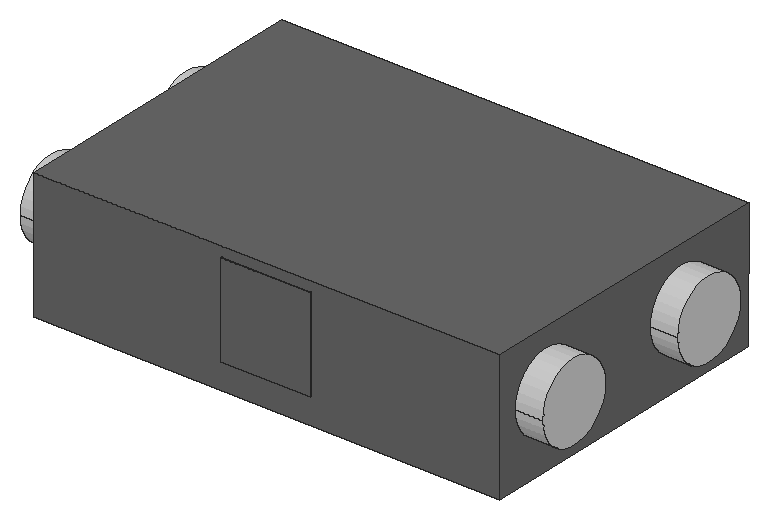
Revit family "BLAUBERG-KOMFORT_EC_D5B_180", category Mechanical Equipment, Revit 2019
Family settings
  Round Connector Dimension = Use Diameter
  Classification = None
  Part Type = Normal
  OmniClass Number = 23.75.35.14
  OmniClass Title = Air Handling Units
  Work Plane-Based = No
  Always vertical = No
  Cut with Voids When Loaded = No
  Shared = No
  Room Calculation Point = No
Parameters (values of type "KOMFORT EC D5B 180-E S14")
  Weight = 14.00 kg
  Side Maintenance Zone Width = H1  # 250 mm
  Side Maintenance Zone Length = A1  # 900 mm
  Side Maintenance Zone Height = 350 mm  # constant formula
  Heat Exchanger Material = "enthalpy"
  Front Maintenance Zone Width = B  # 600 mm
  Front Maintenance Zone Length = A1  # 900 mm
  DuctConL = (A - A1) / 2  # 54.5 mm
  Air Flow Factor [instance] = 1  # constant formula
  DrainPipe2 = no
  DrainPipe1 = no
  Drain Flow [instance] = 0.0 L/s
  Ddrain = 20 mm  # constant formula
  B = 600 mm  # constant formula
  Air Flow Exhaust [instance] = 0 m³/h
  A1 = 900 mm  # constant formula
  A = 1009 mm  # constant formula
  Voltage = 230 V
  URL = "https://blaubergventilatoren.de/en/series/komfort-ec-d5b180-e"
  Type Comments = "Air Handling Unit KOMFORT EC D5B 180-E S14"
  Transported Air Temperature (°C) = "–25 …+40"
  Supply Air Filter = "G4+F7"
  Sound Pressure Level at 3 m (dBA) = 33
  SEC Class = "A+"
  RPM (min-1) = 2200
  Power Factor = 1
  Power = 87 W
  Number of Poles = 1
  Model = "KOMFORT EC D5B 180-E S14"
  Maximum Air Flow = 220 m³/h
  Manufacturer = "Blauberg"
  Maintenance Zone Material = Maintenance Zone
  Front Maintenance Zone Height = 600 mm  # constant formula
  Maintenance Zone [instance] = no
  Load Classification = HVAC
  B2 = 163 mm  # constant formula
  B1 = 326 mm  # constant formula
  Heat recovery efficiency (%) = "79..94"
  Heat Exchanger Type = "counter-flow"
  H2 = 110 mm  # constant formula
  H1 = 250 mm  # constant formula
  H = 264 mm  # constant formula
  Metal Material = Metal Zinc
  Family Version = "1.0"  # constant formula
  Extract Air Filter = "G4"
  Duct Connection Diameter = 150 mm  # constant formula
  Drain Connection Diameter = 0 mm
  Description = "Air Handling Unit"
  D = 150 mm  # constant formula
  Current = 0.71 A
  Copyright = "©Blauberg"
  Casing Material = Polypropylene Black
  Apparent Power [instance] = Power / Power Factor  # 87 VA
  Air Flow Supply [instance] = 0 m³/h
Types (4, lengths in mm): name | Heat Exchanger Material | DrainPipe2 | DrainPipe1 | Type Comments | Model | Heat recovery efficiency (%) | Drain Connection Diameter
  KOMFORT EC D5B 180 S21 | "polystyrene" | yes | yes | "Air Handling Unit KOMFORT EC D5B 180 S21" | "KOMFORT EC D5B 180 S21" | "86..98" | 19
  KOMFORT EC D5B 180 S14 | "polystyrene" | yes | yes | "Air Handling Unit KOMFORT EC D5B 180 S14" | "KOMFORT EC D5B 180 S14" | "86..98" | 19
  KOMFORT EC D5B 180-E S21 | "enthalpy" | no | no | "Air Handling Unit KOMFORT EC D5B 180-E S21" | "KOMFORT EC D5B 180-E S21" | "79..94" | 0
  KOMFORT EC D5B 180-E S14 | "enthalpy" | no | no | "Air Handling Unit KOMFORT EC D5B 180-E S14" | "KOMFORT EC D5B 180-E S14" | "79..94" | 0
Reference planes
  plane 1 "Center (Front/Back)": y = 0
  plane 2: z = 0
  plane 3 "Center (Left/Right)": x = 0
  plane 4 "Right": x = 450
  plane 5 "Front": y = -300
  plane 6 "Left": x = -450
  plane 7 "Bottom": z = -264
  plane 8 "Back": y = 300
  plane 9 "DrainConA1": x = -150
  plane 10 "DrainConA2": x = 150
  plane 11 "DrainConB": y = -263
  plane 12 "DrainConA3": z = -14
  plane 13 "DuctConB1": y = -189
  plane 14 "DuctConB2": y = 137
  plane 15 "DuctConH": z = -124
  plane 16 "DuctConB3": x = -504.5
  plane 17 "DuctConB4": x = 504.5
  plane 18 "ElConA": x = 0
  plane 19 "ElConH": z = -123
  plane 20: z = -33
  plane 21: z = -213
  plane 22: x = -86
  plane 23: x = 86
  plane 24 "DuctConB9": y = 300
  plane 25: y = -300
  plane 26 "MaintZoneSideHeight": z = -139
Forms (mm)
  Extrusion 1, solid, material "Polypropylene Black" <- "Casing Material", detail levels medium+fine
    sketch origin (0, 0, -264) x (-1, 0, 0) y (0, -1, 0)
      loop
        line (450, -300) -> (450, 300) -> (-450, 300) -> (-450, -300) -> (450, -300)
    from 0 to 250
  Extrusion 2, solid, material "Metal Zinc" <- "Metal Material", detail levels medium+fine
    sketch origin (-450, 0, 0) x (0, 1, 0) y (0, 0, 1)
      loop
        circle (137, -124) r 75
      loop
        circle (-189, -124) r 75
    from 0 to -54.5
  Extrusion 3, solid, material "Metal Zinc" <- "Metal Material", detail levels medium+fine
    sketch origin (450, 0, 0) x (0, 1, 0) y (0, 0, 1)
      loop
        circle (137, -124) r 75
      loop
        circle (-189, -124) r 75
    from 0 to 54.5
  Extrusion 4, solid, material "Polypropylene Black" <- "Casing Material", detail levels medium+fine
    sketch origin (0, -300, 0) x (-1, 0, 0) y (0, 0, 1)
      loop
        line (86, -33) -> (-86, -33) -> (-86, -213) -> (86, -213) -> (86, -33)
    from 0 to -2
Lines and regions (mm)
  model lines, detail levels coarse
    curve 1: line (-450, 300, -124) -> (450, 300, -124)
    curve 2: line (-450, -300, -124) -> (-450, 300, -124)
    curve 3: line (450, -300, -124) -> (-450, -300, -124)
    curve 4: line (450, 300, -124) -> (450, -300, -124)
    curve 5: line (-450, -189, -124) -> (-504.5, -189, -124)
    curve 6: line (-450, 137, -124) -> (-504.5, 137, -124)
    curve 7: line (450, 137, -124) -> (504.5, 137, -124)
    curve 8: line (450, -189, -124) -> (504.5, -189, -124)
Dimensions and locks
  plane 1 "Center (Front/Back)" to plane 5 "Front" = 300 mm
  equal spacing: plane 8 "Back", plane 1 "Center (Front/Back)", plane 5 "Front"
  "B": plane 8 "Back" to plane 5 "Front"
  equal spacing: plane 6 "Left", plane 3 "Center (Left/Right)", plane 4 "Right"
  "A1": plane 6 "Left" to plane 4 "Right"
  "H1": plane 12 "DrainConA3" to plane 7 "Bottom"
  locked: plane 11 "DrainConB" to plane 5 "Front" at 37
  locked: plane 6 "Left" to plane 9 "DrainConA1" at 300
  locked: plane 10 "DrainConA2" to plane 4 "Right" at 300
  "H": plane 2 to plane 7 "Bottom"
  "B1": plane 14 "DuctConB2" to plane 13 "DuctConB1"
  "B2": plane 8 "Back" to plane 14 "DuctConB2"
  "H2": plane 12 "DrainConA3" to plane 15 "DuctConH"
  "DuctConL": plane 16 "DuctConB3" to plane 6 "Left"
  "DuctConL": plane 4 "Right" to plane 17 "DuctConB4"
  locked: plane 20 to plane 19 "ElConH" at 90
  locked: plane 19 "ElConH" to plane 21 at 90
  locked: plane 18 "ElConA" to plane 22 at 86
  locked: plane 23 to plane 18 "ElConA" at 86
  locked: plane 12 "DrainConA3" to plane 19 "ElConH" at 109
  locked: plane 18 "ElConA" to plane 6 "Left" at 450
  equal spacing: plane 24 "DuctConB9", plane 1 "Center (Front/Back)", plane 25
  "Front Maintenance Zone Width": plane 24 "DuctConB9" to plane 25
  equal spacing: plane 12 "DrainConA3", plane 26 "MaintZoneSideHeight", plane 7 "Bottom"
  "D": diameter of Extrusion 2 sketch curve  (x2)
  "D": diameter of Extrusion 3 sketch curve  (x2)
  aligned and locked: level to plane 2
  aligned and locked: plane 9 "DrainConA1" to nested 1
  aligned and locked: nested 1 to plane 11 "DrainConB"
  aligned and locked: plane 10 "DrainConA2" to nested 2
  aligned and locked: nested 2 to plane 11 "DrainConB"
  aligned and locked: Extrusion 1 sketch curve to plane 8 "Back"
  aligned and locked: plane 6 "Left" to Extrusion 1 sketch curve
  aligned and locked: plane 5 "Front" to Extrusion 1 sketch curve
  aligned and locked: Extrusion 1 sketch curve to plane 4 "Right"
  aligned and locked: Extrusion 1 to plane 7 "Bottom"
  aligned and locked: plane 12 "DrainConA3" to Extrusion 1
  aligned and locked: Extrusion 2 to plane 16 "DuctConB3"
  aligned and locked: plane 17 "DuctConB4" to Extrusion 3
  aligned and locked: Extrusion 4 sketch curve to plane 20
  aligned and locked: plane 22 to Extrusion 4 sketch curve
  aligned and locked: plane 21 to Extrusion 4 sketch curve
  aligned and locked: Extrusion 4 sketch curve to plane 23
  aligned and locked: curve 1 to Extrusion 1
  aligned and locked: curve 2 to Extrusion 1
  aligned and locked: curve 3 to Extrusion 1
  aligned and locked: plane 6 "Left" to curve 6
  aligned and locked: plane 16 "DuctConB3" to curve 6
  aligned and locked: plane 16 "DuctConB3" to curve 5
  aligned and locked: plane 13 "DuctConB1" to curve 5
  aligned and locked: plane 14 "DuctConB2" to curve 6
  aligned and locked: plane 17 "DuctConB4" to curve 8
  aligned and locked: plane 17 "DuctConB4" to curve 7
  aligned and locked: plane 4 "Right" to curve 8
  aligned and locked: plane 4 "Right" to curve 7
  aligned and locked: curve 7 to plane 14 "DuctConB2"
  aligned and locked: curve 8 to plane 13 "DuctConB1"
  aligned and locked: nested 3 to plane 3 "Center (Left/Right)"
  aligned and locked: nested 3 to plane 26 "MaintZoneSideHeight"
  aligned and locked: plane 3 "Center (Left/Right)" to nested 4
  aligned and locked: plane 1 "Center (Front/Back)" to nested 4
Automatic sketch dimensions
  Extrusion 2 sketch curve to plane 13 "DuctConB1" = 0 mm
  Extrusion 2 sketch curve to plane 14 "DuctConB2" = 0 mm
  Extrusion 2 sketch curve to plane 15 "DuctConH" = 0 mm  (x2)
  Extrusion 3 sketch curve to plane 13 "DuctConB1" = 0 mm
  Extrusion 3 sketch curve to plane 14 "DuctConB2" = 0 mm
  Extrusion 3 sketch curve to plane 15 "DuctConH" = 0 mm  (x2)
Nested families
  nested 1: "DrainConnection" at (-150, -263, -264), visible <- "DrainPipe1", type "DrainConnection", detail levels medium+fine
    with R 10.2 mm, D 20 mm
  nested 2: "DrainConnection" at (150, -263, -264), visible <- "DrainPipe2", type "DrainConnection", detail levels medium+fine
    with R 10.2 mm, D 20 mm
  nested 3: "MaintenanceZone_Rect" at (0, -300, -139) x (-1, 0, 0) z (0, 1, 0), visible <- "Maintenance Zone", type "Side"
    with Maintenance Zone Width 250 mm, Maintenance Zone Length 900 mm, Maintenance Zone Height 350 mm
  nested 4: "MaintenanceZone_Rect" at (0, 0, -264), visible <- "Maintenance Zone", type "Front"
    with Maintenance Zone Width 600 mm, Maintenance Zone Length 900 mm, Maintenance Zone Height 600 mm
Connectors
  piping at (-150, -303, -274), driven by "Drain Connection Diameter", driven by "Drain Flow"
    settings: on nested 1, index 1, connector diameter 0 mm, connector inside diameter 609.6 mm, connector length 0 mm, flow factor 0, pipe flow 0.0 L/s, pressure drop 0.0 Pa, fitting loss kfactor 0, connector angle 0.00°, fixture units 0, engagement length 0 mm, angle of deflection 0.00°, flow configuration 1, flow direction 2, fitting loss method 0, system type 16, joint type 0, gender type 0, connector reference index -1, connector utility 0, adjustable connector no, is connector primary yes, connector description "Drain"
  piping at (150, -303, -274), driven by "Drain Connection Diameter", driven by "Drain Flow"
    settings: on nested 2, index 2, connector diameter 0 mm, connector inside diameter 609.6 mm, connector length 0 mm, flow factor 0, pipe flow 0.0 L/s, pressure drop 0.0 Pa, fitting loss kfactor 0, connector angle 0.00°, fixture units 0, engagement length 0 mm, angle of deflection 0.00°, flow configuration 1, flow direction 2, fitting loss method 0, system type 16, joint type 0, gender type 0, connector reference index -1, connector utility 0, adjustable connector no, is connector primary no, connector description "Drain"
  hvac at (-504.5, 137, -124), driven by "Duct Connection Diameter", driven by "Air Flow Factor", driven by "Air Flow Exhaust"
    settings: on Extrusion 2, index 3, duct flow 0 m³/h, flow factor 1, pres drop 0.0 Pa, loss coef 0, conn angle 0.00°, conn width 304.8 mm, conn height 304.8 mm, conn diameter 150 mm, duct sys type 3, conn prof type 0, flow config 0, flow direction 1, loss method 0, conn ref index -1, conn util no, is conn primary yes, conn desc "Extract Air"
  hvac at (-504.5, -189, -124), driven by "Duct Connection Diameter", driven by "Air Flow Factor", driven by "Air Flow Supply"
    settings: on Extrusion 2, index 4, duct flow 0 m³/h, flow factor 1, pres drop 0.0 Pa, loss coef 0, conn angle 0.00°, conn width 304.8 mm, conn height 304.8 mm, conn diameter 150 mm, duct sys type 1, conn prof type 0, flow config 0, flow direction 2, loss method 0, conn ref index -1, conn util no, is conn primary no, conn desc "Supply Air"
  hvac at (504.5, 137, -124), driven by "Duct Connection Diameter", driven by "Air Flow Factor", driven by "Air Flow Supply"
    settings: on Extrusion 3, index 5, duct flow 0 m³/h, flow factor 1, pres drop 0.0 Pa, loss coef 0, conn angle 0.00°, conn width 304.8 mm, conn height 304.8 mm, conn diameter 150 mm, duct sys type 1, conn prof type 0, flow config 1, flow direction 1, loss method 0, conn ref index -1, conn util no, is conn primary no, conn desc "Intake Air"
  hvac at (504.5, -189, -124), driven by "Duct Connection Diameter", driven by "Air Flow Factor", driven by "Air Flow Exhaust"
    settings: on Extrusion 3, index 6, duct flow 0 m³/h, flow factor 1, pres drop 0.0 Pa, loss coef 0, conn angle 0.00°, conn width 304.8 mm, conn height 304.8 mm, conn diameter 150 mm, duct sys type 3, conn prof type 0, flow config 1, flow direction 2, loss method 0, conn ref index -1, conn util no, is conn primary no, conn desc "Exhaust Air"
  electrical at (0, -302, -123), driven by "Number of Poles", driven by "Voltage", driven by "Apparent Power", driven by "Power Factor", driven by "Load Classification"
    settings: on Extrusion 4, index 7, voltage 230 V, apparent load 87 VA, apparent load phase1 0 VA, apparent load phase2 0 VA, apparent load phase3 0 VA, power factor 1, load classification "HVAC", number of poles 1, system type 30, power factor state 1, is connector primary yes, connector utility no, sub classification motor no, connector description ""
Definition of nested family "DrainConnection"
  Parameters (values of type "DrainConnection")
    R = D * 0.51  # 9.69 mm
    Material = none
    L = 40 mm
    H = 10 mm
    Default Elevation = 1219.2 mm
    D = 19 mm
  Reference planes
    plane 1 "Center (Front/Back)": y = 0
    plane 2: z = 0
    plane 3 "Center (Left/Right)": x = 0
    plane 4: z = -10
    plane 5: y = -40
    plane 6: z = 10
  Forms (mm)
    Sweep 1, solid, material <- "Material"
      path origin (0, 0, 0) x (0, 1, 0) y (0, 0, 1)
        loop
          line (0, 10) -> (0, -0.31)
          arc (0, -0.31) -> (-2.838, -7.162) -> (-9.69, -10) r 9.69
          line (-9.69, -10) -> (-40, -10)
      profile origin (0, 0, 4.845) x (1, 0, 0) y (0, 1, 0)
        loop
          circle (0, 0) r 9.5
  Dimensions and locks
    "H": level to plane 4
    "L": plane 1 "Center (Front/Back)" to plane 5
    "H": plane 6 to level
    "D": diameter of Sweep 1 sketch curve
    "R": radius of Sweep 1 sketch curve
    aligned and locked: level to plane 2
    aligned and locked: plane 1 "Center (Front/Back)" to Sweep 1 sketch curve
    aligned and locked: plane 4 to Sweep 1 sketch curve
    aligned and locked: plane 5 to Sweep 1 sketch curve
    aligned and locked: plane 6 to Sweep 1 sketch curve
  Automatic sketch dimensions
    Sweep 1 sketch curve to plane 3 "Center (Left/Right)" = 0 mm
    profile plane to Sweep 1 sketch curve = 0 mm
Definition of nested family "MaintenanceZone_Rect"
  Parameters (values of type "MaintenanceZone_Rect")
    Maintenance Zone Width = 500 mm
    Material = none
    Maintenance Zone Length = 1000 mm
    Maintenance Zone Height = 300 mm
    Family Version = ""
    Default Elevation = 1219.2 mm
    Copyright = ""
  Reference planes
    plane 1 "Center (Front/Back)": y = 0
    plane 2: z = 0
    plane 3 "Center (Left/Right)": x = 0
    plane 4: x = -500
    plane 5: x = 500
    plane 6: y = 250
    plane 7: y = -250
    plane 8: z = -300
  Forms (mm)
    Extrusion 1, solid, material <- "Material", detail levels medium+fine
      sketch origin (0, 0, 0) x (1, 0, 0) y (0, 1, 0)
        loop
          line (-500, 250) -> (-500, -250) -> (500, -250) -> (500, 250) -> (-500, 250)
      from 0 to -300
  Lines and regions (mm)
    symbolic lines, detail levels medium+fine
      curve 1: line (-500, 0, 0) -> (500, 0, 0)
      curve 2: line (-500, 0, -300) -> (-500, 0, 0)
      curve 3: line (500, 0, -300) -> (-500, 0, -300)
      curve 4: line (500, 0, 0) -> (500, 0, -300)
      curve 5: line (0, 250, 0) -> (0, -250, 0)
      curve 6: line (0, 250, -300) -> (0, 250, 0)
      curve 7: line (0, -250, -300) -> (0, 250, -300)
      curve 8: line (0, -250, 0) -> (0, -250, -300)
      curve 9: line (-500, 250, 0) -> (500, 250, 0)
      curve 10: line (-500, -250, 0) -> (-500, 250, 0)
      curve 11: line (500, -250, 0) -> (-500, -250, 0)
      curve 12: line (500, 250, 0) -> (500, -250, 0)
  Dimensions and locks
    equal spacing: plane 6, plane 1 "Center (Front/Back)", plane 7
    equal spacing: plane 4, plane 3 "Center (Left/Right)", plane 5
    "Maintenance Zone Width": plane 6 to plane 7
    "Maintenance Zone Length": plane 4 to plane 5
    "Maintenance Zone Height": plane 2 to plane 8
    aligned and locked: level to plane 2
    aligned and locked: Extrusion 1 sketch curve to plane 6
    aligned and locked: plane 4 to Extrusion 1 sketch curve
    aligned and locked: plane 7 to Extrusion 1 sketch curve
    aligned and locked: Extrusion 1 sketch curve to plane 5
    aligned and locked: Extrusion 1 to plane 8
    aligned and locked: curve 1 to Extrusion 1
    aligned and locked: curve 2 to Extrusion 1
    aligned and locked: curve 3 to Extrusion 1
    aligned and locked: curve 4 to Extrusion 1
    aligned and locked: curve 5 to Extrusion 1
    aligned and locked: curve 6 to Extrusion 1
    aligned and locked: curve 7 to Extrusion 1
    aligned and locked: curve 8 to Extrusion 1
    aligned and locked: curve 9 to Extrusion 1
    aligned and locked: curve 10 to Extrusion 1
    aligned and locked: curve 11 to Extrusion 1
    aligned and locked: curve 12 to Extrusion 1
